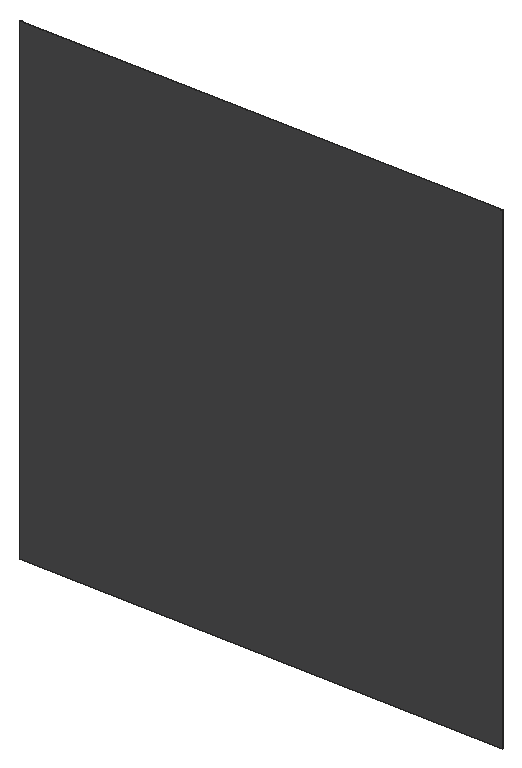
Revit family "Pantalla Modelo GS_LPVM16.1", category Luminarias, Revit 2019
Family settings
  Cota de conector redondo = Diámetro de uso
  Tipo de pieza = Normal
  Se basa en plano de trabajo = Sí
  Siempre vertical = No
  Corte con vacíos al cargar = No
  Origen de luz = No
  Compartido = No
  Punto de cálculo de habitación = No
Parameters (values of type "Pantalla Modelo GS_LPVM16.1")
  Zone [instance] = ""
  Watt per fixture = 600
  Keynote = ""
  Modulo largo = 1200 mm
  Modulo alto = 1200 mm
  Modelo = "LPVM16.1"
  Lámpara = "Taiwan Epistar Chip"
  Fabricante = "BRILLANT"
  Espesor = 1 mm
  Default Elevation = 0 mm
  Descripción = "PANTALLA CON UN LED TAIWAN EPISTAR CHIP, QUE PERMITE EL VIENTO Y LA LUZ DEL SOL PASEN A TRAVES DE LA PANTALLA AL INTERIOR DEL EDIFICIO. INSTALACION DIABLE, SENCILLA Y RAPIDA, UNA SOLA TIRA REEMPLAZABLE, DE FACIL MANTENIMIENTO Y AHORRO DE ENERGIA DEL 60%. PIXEL PITCH 16MM, DIMENSIONES DEL PANEL 1200X1200MM, RESOLUCION DE 72X36 DOT, CONFIGURACION DEL PIXEL EN 2R1G1B, CANTIDAD POR PANEL DE LED 2592 DOT, PESO 36kg/PANEL, CONSUMO DE ENERGIA DE 600W/PANEL, TEMPERATURA DE COLOR EN 5000K, DISTANCIA DE VISUALIZACION 16M, BRILLO DE 5000-6000 NIT, TRANSPARENCIA DEL 30%, ESTRUCTURA DEL PANEL EN ALEACION DE ALUMINIO, VELOCIDAD DE ACTUALIZACION EN 1600Hz, VOLTAJE EN AC 110-240V/5060Hz, ANGULO DE VISUALIZACION 120/60 GRADOS, SISTEMA DE CONTROL ONLINE O PC, MODO DRIVE CORRIENTE COSNTANTE, HORAS DE VIDA <50000 HORAS, IP 65, TEMPERATURA DE OPERACIÓN -10C + 40C Y COMO MAXIMO -20C +50C, HUMEDAD 10-90%, SISTEMA OPERATIVO WINDOWS 2000/XP/VISTA/WINDOWS 7, TIPO DE SEÑAL AV/S-VIDEO/VGA/CVBS/HDMI/DVI, CONTROL DE DISTANCIA HSYV, 100M. REQUIERE ACCESORIOS COMO CONTROLADOR DE SISTEMA (XLV16V.1)."
  Comentarios de vataje = "110-240V"
  Circuit [instance] = ""
Reference planes
  plane 1 "Centro (Frontal/Posterior)": y = 0
  plane 2: z = 0
  plane 3 "Centro (Izquierda/Derecha)": x = 0
  plane 4: z = -1200
  plane 5: x = -600
  plane 6: x = 600
  plane 7: y = 1
Forms (mm)
  Extrusion 1, solid, material "Plastico"
    sketch origin (0, 0, 0) x (1, 0, 0) y (0, 1, 0)
      loop
        line (-600, 0) -> (600, 0) -> (600, 1) -> (-600, 1) -> (-600, 0)
    from 0 to -1200
  Revolve 2, solid, material "Cristal", not visible
    sketch origin (-152, 0, 0) x (0, 1, 0) y (0, 0, -1)
      loop
        line (0, -8.749) -> (0, -7.25) -> (-1.499, -7.25)
        arc (-1.499, -7.25) -> (-1.06, -8.31) -> (0, -8.749) r 1.499
      axis (0, -7.25) -> (-1.499, -7.25)
    angle from 0 to 360
  Revolve 3, solid, material "Cristal", not visible
    sketch origin (-136, 0, 0) x (0, 1, 0) y (0, 0, -1)
      loop
        line (0, -8.749) -> (0, -7.25) -> (-1.499, -7.25)
        arc (-1.499, -7.25) -> (-1.06, -8.31) -> (0, -8.749) r 1.499
      axis (0, -7.25) -> (-1.499, -7.25)
    angle from 0 to 360
  Revolve 4, solid, material "Cristal", not visible
    sketch origin (-120, 0, 0) x (0, 1, 0) y (0, 0, -1)
      loop
        line (0, -8.749) -> (0, -7.25) -> (-1.499, -7.25)
        arc (-1.499, -7.25) -> (-1.06, -8.31) -> (0, -8.749) r 1.499
      axis (0, -7.25) -> (-1.499, -7.25)
    angle from 0 to 360
  Revolve 5, solid, material "Cristal", not visible
    sketch origin (-104, 0, 0) x (0, 1, 0) y (0, 0, -1)
      loop
        line (0, -8.749) -> (0, -7.25) -> (-1.499, -7.25)
        arc (-1.499, -7.25) -> (-1.06, -8.31) -> (0, -8.749) r 1.499
      axis (0, -7.25) -> (-1.499, -7.25)
    angle from 0 to 360
  Revolve 6, solid, material "Cristal", not visible
    sketch origin (-88, 0, 0) x (0, 1, 0) y (0, 0, -1)
      loop
        line (0, -8.749) -> (0, -7.25) -> (-1.499, -7.25)
        arc (-1.499, -7.25) -> (-1.06, -8.31) -> (0, -8.749) r 1.499
      axis (0, -7.25) -> (-1.499, -7.25)
    angle from 0 to 360
  Revolve 7, solid, material "Cristal", not visible
    sketch origin (-72, 0, 0) x (0, 1, 0) y (0, 0, -1)
      loop
        line (0, -8.749) -> (0, -7.25) -> (-1.499, -7.25)
        arc (-1.499, -7.25) -> (-1.06, -8.31) -> (0, -8.749) r 1.499
      axis (0, -7.25) -> (-1.499, -7.25)
    angle from 0 to 360
  Revolve 8, solid, material "Cristal", not visible
    sketch origin (-56, 0, 0) x (0, 1, 0) y (0, 0, -1)
      loop
        line (0, -8.749) -> (0, -7.25) -> (-1.499, -7.25)
        arc (-1.499, -7.25) -> (-1.06, -8.31) -> (0, -8.749) r 1.499
      axis (0, -7.25) -> (-1.499, -7.25)
    angle from 0 to 360
  Revolve 9, solid, material "Cristal", not visible
    sketch origin (-40, 0, 0) x (0, 1, 0) y (0, 0, -1)
      loop
        line (0, -8.749) -> (0, -7.25) -> (-1.499, -7.25)
        arc (-1.499, -7.25) -> (-1.06, -8.31) -> (0, -8.749) r 1.499
      axis (0, -7.25) -> (-1.499, -7.25)
    angle from 0 to 360
  Revolve 10, solid, material "Cristal", not visible
    sketch origin (-24, 0, 0) x (0, 1, 0) y (0, 0, -1)
      loop
        line (0, -8.749) -> (0, -7.25) -> (-1.499, -7.25)
        arc (-1.499, -7.25) -> (-1.06, -8.31) -> (0, -8.749) r 1.499
      axis (0, -7.25) -> (-1.499, -7.25)
    angle from 0 to 360
  Revolve 11, solid, material "Cristal", not visible
    sketch origin (-8, 0, 0) x (0, 1, 0) y (0, 0, -1)
      loop
        line (0, -8.749) -> (0, -7.25) -> (-1.499, -7.25)
        arc (-1.499, -7.25) -> (-1.06, -8.31) -> (0, -8.749) r 1.499
      axis (0, -7.25) -> (-1.499, -7.25)
    angle from 0 to 360
  Revolve 12, solid, material "Cristal", not visible
    sketch origin (8, 0, 0) x (0, 1, 0) y (0, 0, -1)
      loop
        line (0, -8.749) -> (0, -7.25) -> (-1.499, -7.25)
        arc (-1.499, -7.25) -> (-1.06, -8.31) -> (0, -8.749) r 1.499
      axis (0, -7.25) -> (-1.499, -7.25)
    angle from 0 to 360
  Revolve 13, solid, material "Cristal", not visible
    sketch origin (24, 0, 0) x (0, 1, 0) y (0, 0, -1)
      loop
        line (0, -8.749) -> (0, -7.25) -> (-1.499, -7.25)
        arc (-1.499, -7.25) -> (-1.06, -8.31) -> (0, -8.749) r 1.499
      axis (0, -7.25) -> (-1.499, -7.25)
    angle from 0 to 360
  Revolve 14, solid, material "Cristal", not visible
    sketch origin (40, 0, 0) x (0, 1, 0) y (0, 0, -1)
      loop
        line (0, -8.749) -> (0, -7.25) -> (-1.499, -7.25)
        arc (-1.499, -7.25) -> (-1.06, -8.31) -> (0, -8.749) r 1.499
      axis (0, -7.25) -> (-1.499, -7.25)
    angle from 0 to 360
  Revolve 15, solid, material "Cristal", not visible
    sketch origin (56, 0, 0) x (0, 1, 0) y (0, 0, -1)
      loop
        line (0, -8.749) -> (0, -7.25) -> (-1.499, -7.25)
        arc (-1.499, -7.25) -> (-1.06, -8.31) -> (0, -8.749) r 1.499
      axis (0, -7.25) -> (-1.499, -7.25)
    angle from 0 to 360
  Revolve 16, solid, material "Cristal", not visible
    sketch origin (72, 0, 0) x (0, 1, 0) y (0, 0, -1)
      loop
        line (0, -8.749) -> (0, -7.25) -> (-1.499, -7.25)
        arc (-1.499, -7.25) -> (-1.06, -8.31) -> (0, -8.749) r 1.499
      axis (0, -7.25) -> (-1.499, -7.25)
    angle from 0 to 360
  Revolve 17, solid, material "Cristal", not visible
    sketch origin (88, 0, 0) x (0, 1, 0) y (0, 0, -1)
      loop
        line (0, -8.749) -> (0, -7.25) -> (-1.499, -7.25)
        arc (-1.499, -7.25) -> (-1.06, -8.31) -> (0, -8.749) r 1.499
      axis (0, -7.25) -> (-1.499, -7.25)
    angle from 0 to 360
  Revolve 18, solid, material "Cristal", not visible
    sketch origin (104, 0, 0) x (0, 1, 0) y (0, 0, -1)
      loop
        line (0, -8.749) -> (0, -7.25) -> (-1.499, -7.25)
        arc (-1.499, -7.25) -> (-1.06, -8.31) -> (0, -8.749) r 1.499
      axis (0, -7.25) -> (-1.499, -7.25)
    angle from 0 to 360
  Revolve 19, solid, material "Cristal", not visible
    sketch origin (120, 0, 0) x (0, 1, 0) y (0, 0, -1)
      loop
        line (0, -8.749) -> (0, -7.25) -> (-1.499, -7.25)
        arc (-1.499, -7.25) -> (-1.06, -8.31) -> (0, -8.749) r 1.499
      axis (0, -7.25) -> (-1.499, -7.25)
    angle from 0 to 360
  Revolve 20, solid, material "Cristal", not visible
    sketch origin (136, 0, 0) x (0, 1, 0) y (0, 0, -1)
      loop
        line (0, -8.749) -> (0, -7.25) -> (-1.499, -7.25)
        arc (-1.499, -7.25) -> (-1.06, -8.31) -> (0, -8.749) r 1.499
      axis (0, -7.25) -> (-1.499, -7.25)
    angle from 0 to 360
  Revolve 21, solid, material "Cristal", not visible
    sketch origin (152, 0, 0) x (0, 1, 0) y (0, 0, -1)
      loop
        line (0, -8.749) -> (0, -7.25) -> (-1.499, -7.25)
        arc (-1.499, -7.25) -> (-1.06, -8.31) -> (0, -8.749) r 1.499
      axis (0, -7.25) -> (-1.499, -7.25)
    angle from 0 to 360
Dimensions and locks
  equal spacing: plane 6, plane 3 "Centro (Izquierda/Derecha)", plane 5
  "Modulo largo": plane 6 to plane 5
  plane 3 "Centro (Izquierda/Derecha)" to plane 5 = 600 mm
  "Espesor": plane 1 "Centro (Frontal/Posterior)" to plane 7
  "Modulo alto": level to plane 4
  aligned and locked: plane 4 to Extrusion 1
  aligned and locked: plane 5 to Extrusion 1
  aligned and locked: Extrusion 1 to plane 6
  aligned and locked: Extrusion 1 to plane 7
  aligned and locked: level to plane 2
Automatic sketch dimensions
  Revolve 2 sketch curve to Revolve 2 sketch curve = 1.499 mm
  Revolve 2 sketch curve to Revolve 2 sketch curve = 3.099 mm
  Revolve 2 sketch curve to Revolve 2 sketch curve = 0 mm  (x2)
  Revolve 3 sketch curve to Revolve 3 sketch curve = 1.499 mm
  Revolve 3 sketch curve to Revolve 3 sketch curve = 3.099 mm
  Revolve 3 sketch curve to Revolve 3 sketch curve = 0 mm  (x2)
  Revolve 4 sketch curve to Revolve 4 sketch curve = 1.499 mm
  Revolve 4 sketch curve to Revolve 4 sketch curve = 3.099 mm
  Revolve 4 sketch curve to Revolve 4 sketch curve = 0 mm  (x2)
  Revolve 5 sketch curve to Revolve 5 sketch curve = 1.499 mm
  Revolve 5 sketch curve to Revolve 5 sketch curve = 3.099 mm
  Revolve 5 sketch curve to Revolve 5 sketch curve = 0 mm  (x2)
  Revolve 6 sketch curve to Revolve 6 sketch curve = 1.499 mm
  Revolve 6 sketch curve to Revolve 6 sketch curve = 3.099 mm
  Revolve 6 sketch curve to Revolve 6 sketch curve = 0 mm  (x2)
  Revolve 7 sketch curve to Revolve 7 sketch curve = 1.499 mm
  Revolve 7 sketch curve to Revolve 7 sketch curve = 3.099 mm
  Revolve 7 sketch curve to Revolve 7 sketch curve = 0 mm  (x2)
  Revolve 8 sketch curve to Revolve 8 sketch curve = 1.499 mm
  Revolve 8 sketch curve to Revolve 8 sketch curve = 3.099 mm
  Revolve 8 sketch curve to Revolve 8 sketch curve = 0 mm  (x2)
  Revolve 9 sketch curve to Revolve 9 sketch curve = 1.499 mm
  Revolve 9 sketch curve to Revolve 9 sketch curve = 3.099 mm
  Revolve 9 sketch curve to Revolve 9 sketch curve = 0 mm  (x2)
  Revolve 10 sketch curve to Revolve 10 sketch curve = 1.499 mm
  Revolve 10 sketch curve to Revolve 10 sketch curve = 3.099 mm
  Revolve 10 sketch curve to Revolve 10 sketch curve = 0 mm  (x2)
  Revolve 11 sketch curve to Revolve 11 sketch curve = 1.499 mm
  Revolve 11 sketch curve to Revolve 11 sketch curve = 3.099 mm
  Revolve 11 sketch curve to Revolve 11 sketch curve = 0 mm  (x2)
  Revolve 12 sketch curve to Revolve 12 sketch curve = 1.499 mm
  Revolve 12 sketch curve to Revolve 12 sketch curve = 3.099 mm
  Revolve 12 sketch curve to Revolve 12 sketch curve = 0 mm  (x2)
  Revolve 13 sketch curve to Revolve 13 sketch curve = 1.499 mm
  Revolve 13 sketch curve to Revolve 13 sketch curve = 3.099 mm
  Revolve 13 sketch curve to Revolve 13 sketch curve = 0 mm  (x2)
  Revolve 14 sketch curve to Revolve 14 sketch curve = 1.499 mm
  Revolve 14 sketch curve to Revolve 14 sketch curve = 3.099 mm
  Revolve 14 sketch curve to Revolve 14 sketch curve = 0 mm  (x2)
  Revolve 15 sketch curve to Revolve 15 sketch curve = 1.499 mm
  Revolve 15 sketch curve to Revolve 15 sketch curve = 3.099 mm
  Revolve 15 sketch curve to Revolve 15 sketch curve = 0 mm  (x2)
  Revolve 16 sketch curve to Revolve 16 sketch curve = 1.499 mm
  Revolve 16 sketch curve to Revolve 16 sketch curve = 3.099 mm
  Revolve 16 sketch curve to Revolve 16 sketch curve = 0 mm  (x2)
  Revolve 17 sketch curve to Revolve 17 sketch curve = 1.499 mm
  Revolve 17 sketch curve to Revolve 17 sketch curve = 3.099 mm
  Revolve 17 sketch curve to Revolve 17 sketch curve = 0 mm  (x2)
  Revolve 18 sketch curve to Revolve 18 sketch curve = 1.499 mm
  Revolve 18 sketch curve to Revolve 18 sketch curve = 3.099 mm
  Revolve 18 sketch curve to Revolve 18 sketch curve = 0 mm  (x2)
  Revolve 19 sketch curve to Revolve 19 sketch curve = 1.499 mm
  Revolve 19 sketch curve to Revolve 19 sketch curve = 3.099 mm
  Revolve 19 sketch curve to Revolve 19 sketch curve = 0 mm  (x2)
  Revolve 20 sketch curve to Revolve 20 sketch curve = 1.499 mm
  Revolve 20 sketch curve to Revolve 20 sketch curve = 3.099 mm
  Revolve 20 sketch curve to Revolve 20 sketch curve = 0 mm  (x2)
  Revolve 21 sketch curve to Revolve 21 sketch curve = 1.499 mm
  Revolve 21 sketch curve to Revolve 21 sketch curve = 3.099 mm
  Revolve 21 sketch curve to Revolve 21 sketch curve = 0 mm  (x2)
  Extrusion 1 sketch curve to plane 5 = 0 mm
  Extrusion 1 sketch curve to plane 6 = 0 mm
  plane 1 "Centro (Frontal/Posterior)" to Extrusion 1 sketch curve = 0 mm
  Extrusion 1 sketch curve to plane 7 = 0 mm
Connectors
  electrical at (0, 1, -600)
    settings: on Extrusion 1, index 1, voltage 240 V, apparent load 0 VA, apparent load phase1 0 VA, apparent load phase2 0 VA, apparent load phase3 0 VA, power factor 1, load classification "Otro", number of poles 1, system type 31, power factor state 1, is connector primary yes, connector utility no, sub classification motor no, connector description ""
